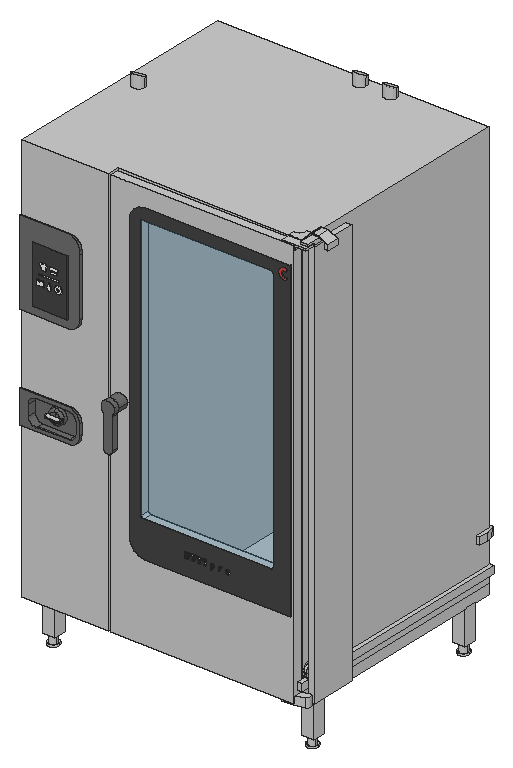
Revit family "QF_WELBILT-CONVOTHERM_CMX-PRO-ET-20-20-EB.240522044208", category Specialty Equipment, Revit 2020
Family settings
  Round Connector Dimension = Use Diameter
  Part Type = Normal
  OmniClass Number = 23.40.40.14
  OmniClass Title = Food Service Equipment
  Work Plane-Based = No
  Always vertical = Yes
  Cut with Voids When Loaded = No
  Shared = No
  Room Calculation Point = No
Parameters (values of type "CMX-PRO-ET-20-20-EB-DD_400V/3Ph/50Hz")
  Weight = 331.00 kg
  Waste Remarks [instance] = ""
  Volts = 400 V
  URL Cutsheet = ""
  URL = "www.convotherm.com"
  Status [instance] = ""
  Specification by User [instance] = ""
  Specification by Manufacturer [instance] = ""
  Serial Number = ""
  Seismic Rating = ""
  SMACNA No = ""
  Revision Code [instance] = ""
  Phase = 3
  Number of Poles = 1
  NAFEM Spec ID Number = ""
  Model = "CMX-PRO-ET-20-20-EB"
  Min Ckt Ampacity = 0 A
  Max Overcurrent Protection = 0 A
  Masterspec = ""
  Manufacturer = "WELBILT-CONVOTHERM"
  Length Actual = 1135 mm
  Item Number [instance] = ""
  Installed By [instance] = ""
  Indirect Waste Size = 25.4 mm
  Indirect Waste Connection Type [instance] = ""
  Indirect Waste Connection Height [instance] = 220 mm
  Identify Quantity as Lot [instance] = no
  Height Actual = 1934 mm
  HP power = ""
  Furnished By [instance] = ""
  Foodservice Equipment Identifier [instance] = no
  FL Amps = 97.3 A
  Electric power = 67300 W
  Electric Connection Type [instance] = ""
  Elec Conn RI Height [instance] = 0 mm
  Elec Conn Connection Height [instance] = 220 mm
  Direct Waste RI Height [instance] = 0 mm
  Description = "COMBI OVEN MAXX PRO EASYTOUCH 20 SHELVES GN 2/1 - DISAPPEARING DOOR - ELECTRIC BOILER"
  Depth Actual = 1020 mm
  Default Elevation = 0 mm
  Cycle = 50 Hz
  Cost = 0
  Conn Plug = ""
  Conn Conduit = no
  Cold Water Temperature Recommended = 0 °C
  Cold Water Size = 19.05 mm
  Cold Water Flow = 0.0 L/s
  Cold Water Connection Height [instance] = 220 mm
  CSI MasterFormat = ""
  Apparent Power = 67300 VA
  Accessory = no
Reference planes
  plane 1 "Center (Front/Back)": y = 0
  plane 2: z = 0
  plane 3 "Center (Left/Right)": x = 0
Forms (mm)
  Extrusion 1, solid, not visible
    sketch origin (301, -405, 222) x (1, 0, 0) y (0, 1, 0)
      loop
        line (0, 0) -> (2, 0) -> (2, 2) -> (0, 2) -> (0, 0)
    from 0 to 2
  Extrusion 2, solid, not visible
    sketch origin (104, -362, 222) x (1, 0, 0) y (0, 1, 0)
      loop
        line (0, 0) -> (2, 0) -> (2, 2) -> (0, 2) -> (0, 0)
    from 0 to 2
  Extrusion 3, solid, not visible
    sketch origin (124, -600, 222) x (1, 0, 0) y (0, 1, 0)
      loop
        line (0, 0) -> (2, 0) -> (2, 2) -> (0, 2) -> (0, 0)
    from 0 to 2
Dimensions and locks
  aligned and locked: level to plane 2
Nested families
  nested 1: "QF_WELBILT-CONVOTHERM_CMX-PRO-ET-20-20-EB-DD_400V_3Ph_50Hz" at (0, 0, 0), type "CMX-PRO-ET-20-20-EB-DD_400V/3Ph/50Hz"
    with Show Logo yes, Show Clearance yes
Connectors
  piping at (302, -404, 222), diameter 25.4, driven by "Indirect Waste Size"
    settings: on Extrusion 1, index 1, connector inside diameter 609.6 mm, connector length 0 mm, flow factor 0, pipe flow 0.0 L/s, pressure drop 0.0 Pa, fitting loss kfactor 0, connector angle 0.00°, fixture units 0, engagement length 0 mm, angle of deflection 0.00°, flow configuration 1, flow direction 2, fitting loss method 0, system type 16, joint type 0, gender type 0, connector reference index -1, connector utility 0, adjustable connector no, is connector primary yes, connector description "Drain connection for 'CMX-PRO-ET-20-20-EB'"
  piping at (105, -361, 222), diameter 19.05, driven by "Cold Water Size", driven by "Cold Water Flow"
    settings: on Extrusion 2, index 2, connector inside diameter 609.6 mm, connector length 0 mm, flow factor 0, pipe flow 0.0 L/s, pressure drop 0.0 Pa, fitting loss kfactor 0, connector angle 0.00°, fixture units 0, engagement length 0 mm, angle of deflection 0.00°, flow configuration 1, flow direction 1, fitting loss method 0, system type 20, joint type 0, gender type 0, connector reference index -1, connector utility 0, adjustable connector no, is connector primary no, connector description "Cold Water connection for 'CMX-PRO-ET-20-20-EB'"
  electrical at (125, -599, 222), driven by "Apparent Power", driven by "Number of Poles", driven by "Volts"
    settings: on Extrusion 3, index 3, voltage 400 V, apparent load 0 VA, apparent load phase1 67300 VA, apparent load phase2 0 VA, apparent load phase3 0 VA, power factor 1, load classification "Other", number of poles 1, system type 31, power factor state 1, is connector primary yes, connector utility no, sub classification motor no, connector description "Electric connection for 'CMX-PRO-ET-20-20-EB'"
Definition of nested family "QF_WELBILT-CONVOTHERM_CMX-PRO-ET-20-20-EB-DD_400V_3Ph_50Hz"
  Parameters (values of type "CMX-PRO-ET-20-20-EB-DD_400V/3Ph/50Hz")
    URL = "www.convotherm.com"
    Show Logo [instance] = yes
    Show Clearance [instance] = yes
    Model = "CMX-PRO-ET-20-20-EB"
    Manufacturer = "WELBILT-CONVOTHERM"
    Description = "COMBI OVEN MAXX PRO EASYTOUCH 20 SHELVES GN 2/1 - DISAPPEARING DOOR - ELECTRIC BOILER"
    Default Elevation = 0 mm
    Assembly Code = "E1090320"
  Types (2, lengths in mm): name | Model | Description
    CMX-PRO-ET-20-20-EB-DD_400V/3Ph/50Hz | "CMX-PRO-ET-20-20-EB" | "COMBI OVEN MAXX PRO EASYTOUCH 20 SHELVES GN 2/1 - DISAPPEARING DOOR - ELECTRIC BOILER"
    CMX-PRO-ET-20-20-ES-DD | "CMX-PRO-ET-20-20-ES" | "COMBI OVEN MAXX PRO EASYTOUCH 20 SHELVES GN 2/1 - DISAPPEARING DOOR - ELECTRIC INJECTION"
  Reference planes
    plane 1 "Back": y = 0
    plane 2: z = 0
    plane 3 "Left": x = 0
    plane 4 "Right": x = 1135
    plane 5 "Front": y = -1020
    plane 6 "Top": z = 1934
  Forms (mm)
    Extrusion 1, solid
      sketch origin (0, 0, 96) x (0, 1, 0) y (0, 0, 1)
        loop
          line (0, 1838) -> (-69, 1838) -> (-69, 126) -> (0, 126) -> (0, 1838)
      from 0 to 1135
    Extrusion 2, solid
      sketch origin (621, -433, 142.161) x (1, 0, 0) y (0, 0, 1)
        loop
          line (-250, 1791.839) -> (-250, 79.839) -> (514, 79.839) -> (514, 1791.839) -> (-250, 1791.839)
        loop
          arc (-115, 1670.132) -> (-122.071, 1667.203) -> (-125, 1660.132) r 10
          line (-125, 1660.132) -> (-125, 559.207)
          arc (-125, 559.207) -> (-122.071, 552.136) -> (-115, 549.207) r 10
          line (-115, 549.207) -> (419, 549.207)
          arc (419, 549.207) -> (426.071, 552.136) -> (429, 559.207) r 10
          line (429, 559.207) -> (429, 1660.132)
          arc (429, 1660.132) -> (426.071, 1667.203) -> (419, 1670.132) r 10
          line (419, 1670.132) -> (-115, 1670.132)
      from 550 to 587
    Extrusion 3, solid
      sketch origin (621, -423, 1162.455) x (1, 0, 0) y (0, 0, 1)
        loop
          arc (-115, 649.839) -> (-122.071, 646.91) -> (-125, 639.839) r 10
          line (-125, 639.839) -> (-125, -461.086)
          arc (-125, -461.086) -> (-122.071, -468.157) -> (-115, -471.086) r 10
          line (-115, -471.086) -> (419, -471.086)
          arc (419, -471.086) -> (426.071, -468.157) -> (429, -461.086) r 10
          line (429, -461.086) -> (429, 639.839)
          arc (429, 639.839) -> (426.071, 646.91) -> (419, 649.839) r 10
          line (419, 649.839) -> (-115, 649.839)
      from 560 to 597
    Extrusion 4, solid
      sketch origin (538.754, 250.154, 1299.45) x (1, 0, 0) y (0, 1, 0)
        loop
          circle (88.246, -288.147) r 25
      from 634.55 to 684.55
    Extrusion 5, solid, visible <- "Show Logo"
      sketch origin (608.278, -419.7, 1383.603) x (1, 0, 0) y (0, 0, 1)
        loop
          line (496.472, 442.836) -> (496.472, 452.836)
          arc (496.472, 452.836) -> (465.307, 432.836) -> (496.472, 412.836) r 22
          line (496.472, 412.836) -> (496.472, 422.836)
          arc (496.472, 422.836) -> (477.839, 432.836) -> (496.472, 442.836) r 12
      from 599 to 601
    Extrusion 6, void
      sketch origin (495, 28.007, 1307) x (0, 1, 0) y (0, 0, 1)
        loop
          line (-40.997, 682) -> (-101.661, 682) -> (-40.997, 653.55) -> (-40.997, 682)
      from 106.55 to 160
    Extrusion 7, solid
      sketch origin (0, -1022, 122) x (-1, 0, 0) y (0, 0, 1)
        loop
          line (0, 1812) -> (-361, 1812) -> (-361, 100) -> (0, 100) -> (0, 1812)
      from 2 to 49
    Extrusion 8, solid
      sketch origin (260, -1020.5, 1142.293) x (-1, 0, 0) y (0, 0, 1)
        loop
          line (-863, 715.8) -> (-863, -599.2) -> (-252.2, -599.2)
          arc (-252.2, -599.2) -> (-208.359, -581.041) -> (-190.2, -537.2) r 62
          line (-190.2, -537.2) -> (-190.2, 653.753)
          arc (-190.2, 653.753) -> (-208.373, 697.627) -> (-252.247, 715.8) r 62.047
          line (-252.247, 715.8) -> (-863, 715.8)
        loop
          arc (-780, 670) -> (-787.071, 667.071) -> (-790, 660) r 10
          line (-790, 660) -> (-790, -440.925)
          arc (-790, -440.925) -> (-787.071, -447.996) -> (-780, -450.925) r 10
          line (-780, -450.925) -> (-246, -450.925)
          arc (-246, -450.925) -> (-238.929, -447.996) -> (-236, -440.925) r 10
          line (-236, -440.925) -> (-236, 660)
          arc (-236, 660) -> (-238.929, 667.071) -> (-246, 670) r 10
          line (-246, 670) -> (-780, 670)
      from 0 to 2
    Extrusion 9, solid
      sketch origin (-428.638, -446.526, 1166.547) x (0, 0, 1) y (-1, 0, 0)
        loop
          line (406.44, -478.638) -> (166.44, -478.638) -> (166.44, -623.042) -> (406.44, -623.042) -> (406.44, -478.638)
      from 580.124 to 582.124
    Extrusion 10, solid
      sketch origin (-39.218, -1026.85, -393.128) x (0, 0, -1) y (1, 0, 0)
        loop
          circle (-1823.457, 196.933) r 15
        loop
          circle (-1823.457, 196.933) r 5
        loop
          line (-1832, 105.461) -> (-1812, 105.461)
          arc (-1812, 105.461) -> (-1814.476, 112.961) -> (-1812, 120.461) r 12.599
          arc (-1812, 120.461) -> (-1814.331, 127.961) -> (-1812, 135.461) r 13.23
          line (-1812, 135.461) -> (-1832, 135.461)
          arc (-1832, 135.461) -> (-1833.917, 127.433) -> (-1829.5, 120.461) r 10.608
          arc (-1829.5, 120.461) -> (-1833.694, 113.452) -> (-1832, 105.461) r 11.176
        loop
          line (-1886.763, 126.478) -> (-1874.888, 126.478) -> (-1874.888, 143.353) -> (-1886.763, 143.353)
          arc (-1886.763, 143.353) -> (-1899.276, 145.695) -> (-1897.911, 133.038) r 7.931
          arc (-1897.911, 133.038) -> (-1896.65, 122.428) -> (-1886.763, 126.478) r 6.712
        loop
          line (-1897.084, 162.209) -> (-1887.084, 162.209) -> (-1887.084, 194.695) -> (-1897.084, 194.695) -> (-1897.084, 162.209)
        loop
          line (-1881.943, 166.339) -> (-1874.888, 166.339) -> (-1874.888, 189.464) -> (-1881.943, 189.464) -> (-1881.943, 166.339)
        loop
          line (-1857.166, 113.206) -> (-1852.166, 113.206) -> (-1852.166, 198.206) -> (-1857.166, 198.206) -> (-1857.166, 113.206)
        loop
          line (-1837.069, 158.906) -> (-1821.106, 151.462)
          arc (-1821.106, 151.462) -> (-1809.423, 158.906) -> (-1821.106, 166.349) r 8.213
          line (-1821.106, 166.349) -> (-1837.069, 158.906)
      from 0 to 2
    Extrusion 11, solid
      sketch origin (-21.246, -207.853, 1299.45) x (1, 0, 0) y (0, 1, 0)
        loop
          circle (88.246, -288.147) r 25
      from 634.55 to 684.55
    Extrusion 12, void
      sketch origin (-65, -430, 1307) x (0, 1, 0) y (0, 0, 1)
        loop
          line (-40.997, 682) -> (-101.661, 682) -> (-40.997, 653.55) -> (-40.997, 682)
      from 106.55 to 160
    Extrusion 13, solid, visible <- "Show Clearance", detail levels coarse
      sketch origin (259, -226, 122) x (1, 0, 0) y (0, 1, 0)
        loop
          line (876, -794) -> (112, -794)
          arc (112, -794) -> (335.77, -1334.23) -> (876, -1558) r 764
          line (876, -1558) -> (876, -794)
      from 100 to 1812
    Extrusion 14, solid, visible <- "Show Clearance", detail levels coarse
      sketch origin (0, 0, 1020.837) x (1, 0, 0) y (0, 1, 0)
        loop
          line (1185, 50) -> (-50, 50) -> (-50, -1020) -> (0, -1020) -> (0, 0) -> (1135, 0) -> (1135, -1020) -> (1185, -1020) -> (1185, 50)
      from -1020.837 to 913.163
    Extrusion 15, solid
      sketch origin (401.711, -455, 812.309) x (1, 0, 0) y (0, 0, 1)
        loop
          arc (-10.176, 136.991) -> (9.289, 117.635) -> (28.753, 136.991) r 19.465
          line (28.753, 136.991) -> (28.753, 265.447)
          arc (28.753, 265.447) -> (29.337, 268.813) -> (31.019, 271.786) r 9.998
          arc (31.019, 271.786) -> (9.289, 317.699) -> (-12.442, 271.786) r 28.099
          arc (-12.442, 271.786) -> (-10.759, 268.813) -> (-10.176, 265.447) r 9.998
          line (-10.176, 265.447) -> (-10.176, 136.991)
      from 611 to 630
    Extrusion 16, solid
      sketch origin (376.711, -428, 809.017) x (1, 0, 0) y (0, 0, 1)
        loop
          circle (34.289, 292.891) r 28.099
      from 592 to 638
    Extrusion 17, solid
      sketch origin (0, -1022.2, 962.518) x (-1, 0, 0) y (0, 0, 1)
        loop
          line (4, 692) -> (-199.45, 692)
          arc (-199.45, 692) -> (-233.073, 678.073) -> (-247, 644.45) r 47.55
          line (-247, 644.45) -> (-247, 632) -> (-247, 386.55)
          arc (-247, 386.55) -> (-233.073, 352.927) -> (-199.45, 339) r 47.55
          line (-199.45, 339) -> (4, 339) -> (4, 692)
      from -5.45 to 30.55
    Extrusion 18, solid, visible <- "Show Logo"
      sketch origin (151.074, -1021, 492.827) x (-1, 0, 0) y (0, 0, 1)
        loop
          line (-528.137, 127.552) -> (-530.011, 127.552) -> (-530.348, 126.074)
          arc (-530.348, 126.074) -> (-533.867, 127.761) -> (-537.387, 126.074) r 4.515
          arc (-537.387, 126.074) -> (-541.947, 127.505) -> (-544.743, 123.629) r 4.084
          line (-544.743, 123.629) -> (-544.743, 116.284) -> (-542.349, 116.284) -> (-542.349, 123.232)
          arc (-542.349, 123.232) -> (-539.99, 125.59) -> (-537.632, 123.232) r 2.358
          line (-537.632, 123.232) -> (-537.632, 116.284) -> (-535.228, 116.284) -> (-535.228, 123.232)
          arc (-535.228, 123.232) -> (-532.879, 125.58) -> (-530.531, 123.232) r 2.348
          line (-530.531, 123.232) -> (-530.531, 116.284) -> (-528.137, 116.284) -> (-528.137, 127.552)
        loop
          arc (-560.96, 126.777) -> (-563.601, 127.667) -> (-566.387, 127.637) r 8.338
          arc (-566.387, 127.637) -> (-568.587, 126.318) -> (-569.365, 123.874) r 3.628
          line (-569.365, 123.874) -> (-569.365, 116.284) -> (-567.653, 116.284) -> (-567.175, 117.853)
          arc (-567.175, 117.853) -> (-565.463, 116.5) -> (-563.335, 116.017) r 4.933
          arc (-563.335, 116.017) -> (-560.862, 117.042) -> (-559.838, 119.515) r 3.498
          arc (-559.838, 119.515) -> (-560.769, 121.724) -> (-562.869, 122.881) r 3.655
          arc (-562.869, 122.881) -> (-564.937, 123.13) -> (-567.021, 123.172) r 20.914
          arc (-567.021, 123.172) -> (-566.618, 125.022) -> (-564.92, 125.86) r 2.182
          arc (-564.92, 125.86) -> (-563.277, 125.666) -> (-561.734, 125.066) r 6.53
          line (-561.734, 125.066) -> (-560.96, 126.777)
        loop
          line (-566.971, 121.663) -> (-566.971, 120.653)
          arc (-566.971, 120.653) -> (-565.555, 118.263) -> (-562.778, 118.357) r 2.725
          arc (-562.778, 118.357) -> (-562.249, 119.77) -> (-563.061, 121.043) r 1.69
          arc (-563.061, 121.043) -> (-563.851, 121.394) -> (-564.704, 121.544) r 3.557
          line (-564.704, 121.544) -> (-566.971, 121.663)
        loop
          line (-583.952, 127.552) -> (-586.682, 127.552) -> (-589.25, 123.609) -> (-591.837, 127.552) -> (-594.547, 127.552) -> (-590.757, 122.04) -> (-594.741, 116.284) -> (-592.031, 116.284) -> (-589.25, 120.502) -> (-586.479, 116.284) -> (-583.769, 116.284) -> (-587.732, 122.04) -> (-583.952, 127.552)
        loop
          line (-607.963, 127.552) -> (-610.693, 127.552) -> (-613.26, 123.609) -> (-615.848, 127.552) -> (-618.558, 127.552) -> (-614.768, 122.04) -> (-618.752, 116.284) -> (-616.042, 116.284) -> (-613.26, 120.502) -> (-610.489, 116.284) -> (-607.779, 116.284) -> (-611.742, 122.04) -> (-607.963, 127.552)
        loop
          line (-636.435, 132.059) -> (-639.145, 132.059) -> (-639.689, 130.03)
          arc (-639.689, 130.03) -> (-644.361, 132.339) -> (-649.091, 130.15) r 6.037
          arc (-649.091, 130.15) -> (-650.678, 124.151) -> (-649.091, 118.152) r 12.127
          arc (-649.091, 118.152) -> (-644.439, 115.999) -> (-639.787, 118.152) r 6.101
          line (-639.787, 118.152) -> (-639.787, 109.266) -> (-636.435, 109.266) -> (-636.435, 132.059)
        loop
          arc (-640.707, 128.436) -> (-643.521, 129.607) -> (-646.244, 128.239) r 3.656
          arc (-646.244, 128.239) -> (-647.304, 124.134) -> (-646.244, 120.028) r 8.478
          arc (-646.244, 120.028) -> (-643.478, 118.728) -> (-640.707, 120.019) r 3.605
          arc (-640.707, 120.019) -> (-639.746, 124.228) -> (-640.707, 128.436) r 9.697
        loop
          line (-672.161, 132.059) -> (-674.786, 132.059) -> (-675.228, 129.277)
          arc (-675.228, 129.277) -> (-678.007, 131.919) -> (-681.831, 132.201) r 5.699
          line (-681.831, 132.201) -> (-681.499, 129.039)
          arc (-681.499, 129.039) -> (-677.382, 128.276) -> (-675.513, 124.528) r 4.693
          line (-675.513, 124.528) -> (-675.513, 116.284) -> (-672.161, 116.284) -> (-672.161, 132.059)
        loop
          arc (-701.668, 128.856) -> (-708.102, 132.336) -> (-714.536, 128.856) r 7.688
          arc (-714.536, 128.856) -> (-715.716, 123.509) -> (-713.81, 118.375) r 9.693
          arc (-713.81, 118.375) -> (-708.258, 115.93) -> (-702.705, 118.375) r 7.526
          arc (-702.705, 118.375) -> (-700.886, 123.487) -> (-701.668, 128.856) r 11.265
        loop
          arc (-705.156, 128.208) -> (-708.205, 129.601) -> (-711.253, 128.208) r 4.032
          arc (-711.253, 128.208) -> (-712.176, 124.281) -> (-711.253, 120.354) r 8.822
          arc (-711.253, 120.354) -> (-708.251, 118.678) -> (-705.156, 120.174) r 3.725
          arc (-705.156, 120.174) -> (-704.233, 124.191) -> (-705.156, 128.208) r 9.2
        loop
          arc (-532.682, 137.519) -> (-530.724, 137.866) -> (-529.296, 136.484) r 2.184
          arc (-529.296, 136.484) -> (-529.141, 134.97) -> (-529.666, 133.541) r 3.38
          arc (-529.666, 133.541) -> (-531.195, 132.902) -> (-532.824, 133.209) r 2.886
          line (-532.824, 133.209) -> (-532.824, 132.27)
          arc (-532.824, 132.27) -> (-530.712, 132.004) -> (-528.755, 132.842) r 4.064
          arc (-528.755, 132.842) -> (-527.999, 134.996) -> (-528.348, 137.252) r 4.701
          arc (-528.348, 137.252) -> (-530.48, 138.773) -> (-533.076, 138.431) r 3.573
          line (-533.076, 138.431) -> (-532.682, 137.519)
        loop
          arc (-537.479, 137.982) -> (-539.805, 138.908) -> (-542.133, 137.986) r 3.392
          arc (-542.133, 137.986) -> (-542.922, 135.429) -> (-542.133, 132.872) r 4.538
          arc (-542.133, 132.872) -> (-539.818, 131.941) -> (-537.495, 132.853) r 3.378
          arc (-537.495, 132.853) -> (-536.706, 135.415) -> (-537.479, 137.982) r 4.603
        loop
          arc (-538.327, 137.294) -> (-539.797, 137.948) -> (-541.273, 137.306) r 1.999
          arc (-541.273, 137.306) -> (-541.786, 135.426) -> (-541.273, 133.546) r 3.701
          arc (-541.273, 133.546) -> (-539.8, 132.933) -> (-538.327, 133.544) r 2.078
          arc (-538.327, 133.544) -> (-537.877, 135.419) -> (-538.327, 137.294) r 4.129
        loop
          line (-547.292, 138.766) -> (-548.621, 138.766) -> (-551.871, 133.511) -> (-551.871, 138.766) -> (-552.875, 138.766) -> (-552.875, 132.063) -> (-551.532, 132.063) -> (-548.286, 137.265) -> (-548.286, 132.063) -> (-547.292, 132.063) -> (-547.292, 138.766)
        loop
          line (-556.671, 138.766) -> (-557.799, 138.766) -> (-559.583, 133.448) -> (-561.375, 138.766) -> (-562.512, 138.766) -> (-560.164, 132.063) -> (-559.009, 132.063) -> (-556.671, 138.766)
        loop
          arc (-566.711, 137.982) -> (-569.038, 138.908) -> (-571.366, 137.986) r 3.392
          arc (-571.366, 137.986) -> (-572.155, 135.429) -> (-571.366, 132.872) r 4.538
          arc (-571.366, 132.872) -> (-569.051, 131.941) -> (-566.727, 132.853) r 3.378
          arc (-566.727, 132.853) -> (-565.939, 135.415) -> (-566.711, 137.982) r 4.603
        loop
          arc (-567.56, 137.294) -> (-569.03, 137.948) -> (-570.505, 137.306) r 1.999
          arc (-570.505, 137.306) -> (-571.019, 135.426) -> (-570.505, 133.546) r 3.701
          arc (-570.505, 133.546) -> (-569.033, 132.933) -> (-567.56, 133.544) r 2.078
          arc (-567.56, 133.544) -> (-567.109, 135.419) -> (-567.56, 137.294) r 4.129
        loop
          line (-577.456, 137.826) -> (-575.485, 137.826) -> (-575.485, 138.766) -> (-580.523, 138.766) -> (-580.523, 137.826) -> (-578.552, 137.826) -> (-578.552, 132.063) -> (-577.456, 132.063) -> (-577.456, 137.826)
        loop
          line (-584.461, 138.766) -> (-585.556, 138.766) -> (-585.556, 136.024) -> (-588.646, 136.024) -> (-588.646, 138.766) -> (-589.747, 138.766) -> (-589.747, 132.063) -> (-588.646, 132.063) -> (-588.646, 135.084) -> (-585.556, 135.084) -> (-585.556, 132.063) -> (-584.461, 132.063) -> (-584.461, 138.766)
        loop
          line (-598.044, 136.015) -> (-598.044, 135.098) -> (-595.518, 135.098) -> (-595.518, 132.994) -> (-598.214, 132.994) -> (-598.214, 132.063) -> (-594.423, 132.063) -> (-594.423, 138.766) -> (-598.214, 138.766) -> (-598.214, 137.84) -> (-595.518, 137.84) -> (-595.518, 136.015) -> (-598.044, 136.015)
        loop
          line (-602.573, 138.766) -> (-604.466, 138.766)
          arc (-604.466, 138.766) -> (-605.459, 138.644) -> (-606.393, 138.285) r 4.104
          arc (-606.393, 138.285) -> (-606.983, 136.462) -> (-605.709, 135.029) r 1.929
          line (-605.709, 135.029) -> (-607.602, 132.063) -> (-606.355, 132.063) -> (-604.751, 134.741) -> (-603.669, 134.741) -> (-603.669, 132.063) -> (-602.573, 132.063) -> (-602.573, 138.766)
        loop
          line (-603.669, 137.84) -> (-604.805, 137.84)
          arc (-604.805, 137.84) -> (-605.901, 136.744) -> (-604.805, 135.648) r 1.096
          line (-604.805, 135.648) -> (-603.669, 135.648) -> (-603.669, 137.84)
        loop
          line (-611.485, 138.766) -> (-613.03, 138.766) -> (-614.905, 133.395) -> (-616.835, 138.766) -> (-618.384, 138.766) -> (-618.384, 132.063) -> (-617.33, 132.063) -> (-617.33, 137.563) -> (-615.349, 132.063) -> (-614.382, 132.063) -> (-612.48, 137.543) -> (-612.48, 132.063) -> (-611.485, 132.063) -> (-611.485, 138.766)
      from 0 to 2
    Extrusion 19, solid
      sketch origin (0, -792, 222) x (-1, 0, 0) y (0, 0, 1)
        loop
          line (0, 1712) -> (-1135, 1712) -> (-1135, 0) -> (0, 0) -> (0, 1712)
        loop
          line (-411, 1672) -> (-1095, 1672) -> (-1095, 40) -> (-411, 40) -> (-411, 1672)
      from -181 to 723
    Extrusion 20, solid
      sketch origin (60, -1022.2, 528.196) x (-1, 0, 0) y (0, 0, 1)
        loop
          line (64, 479) -> (-139.45, 479)
          arc (-139.45, 479) -> (-173.073, 465.073) -> (-187, 431.45) r 47.55
          line (-187, 431.45) -> (-187, 386.55)
          arc (-187, 386.55) -> (-173.073, 352.927) -> (-139.45, 339) r 47.55
          line (-139.45, 339) -> (64, 339) -> (64, 479)
        loop
          line (-4.55, 464) -> (-139.45, 464)
          arc (-139.45, 464) -> (-162.466, 454.466) -> (-172, 431.45) r 32.55
          line (-172, 431.45) -> (-172, 386.55)
          arc (-172, 386.55) -> (-162.466, 363.534) -> (-139.45, 354) r 32.55
          line (-139.45, 354) -> (-4.55, 354)
          arc (-4.55, 354) -> (18.466, 363.534) -> (28, 386.55) r 32.55
          line (28, 386.55) -> (28, 431.45)
          arc (28, 431.45) -> (18.466, 454.466) -> (-4.55, 464) r 32.55
      from -5.45 to 30.55
    Extrusion 21, void
      sketch origin (0, -1032.65, 220) x (-1, 0, 0) y (0, 0, 1)
        loop
          line (-64.55, 774.196) -> (-199.45, 774.196)
          arc (-199.45, 774.196) -> (-223.881, 764.076) -> (-234, 739.646) r 34.55
          line (-234, 739.646) -> (-234, 694.746)
          arc (-234, 694.746) -> (-223.881, 670.315) -> (-199.45, 660.196) r 34.55
          line (-199.45, 660.196) -> (-64.55, 660.196)
          arc (-64.55, 660.196) -> (-40.119, 670.315) -> (-30, 694.746) r 34.55
          line (-30, 694.746) -> (-30, 739.646)
          arc (-30, 739.646) -> (-40.119, 764.076) -> (-64.55, 774.196) r 34.55
      from 0 to 41
    Revolve 22, solid
      sketch origin (132, -213, 187) x (0, 1, 0) y (0, 0, 1)
        loop
          line (-800.65, 771.095) -> (-800.65, 750.196) -> (-780.65, 750.196) -> (-780.65, 782.804) -> (-792.214, 780.972)
          arc (-792.214, 780.972) -> (-798.254, 777.59) -> (-800.65, 771.095) r 10
        axis (-780.65, 750.196) -> (-800.65, 750.196)
      angle from 0 to 360
    Extrusion 23, solid
      sketch origin (60, -988.2, 513.196) x (-1, 0, 0) y (0, 0, 1)
        loop
          line (-4.55, 479) -> (-139.45, 479)
          arc (-139.45, 479) -> (-162.466, 469.466) -> (-172, 446.45) r 32.55
          line (-172, 446.45) -> (-172, 401.55)
          arc (-172, 401.55) -> (-162.466, 378.534) -> (-139.45, 369) r 32.55
          line (-139.45, 369) -> (-4.55, 369)
          arc (-4.55, 369) -> (18.466, 378.534) -> (28, 401.55) r 32.55
          line (28, 401.55) -> (28, 446.45)
          arc (28, 446.45) -> (18.466, 469.466) -> (-4.55, 479) r 32.55
      from -5.45 to -3.45
    Extrusion 24, solid
      sketch origin (102, -228.026, 187) x (0, 1, 0) y (0, 0, 1)
        loop
          circle (-793.65, 750.196) r 8
      from 0 to 60
    Revolve 25, solid
      sketch origin (102, -1021.676, 187) x (-1, 0, 0) y (0, 0, 1)
        loop
          line (-60, 750.196) -> (-60, 758.196)
          arc (-60, 758.196) -> (-61.414, 757.61) -> (-62, 756.196) r 2
          line (-62, 756.196) -> (-62, 750.196) -> (-60, 750.196)
        axis (-60, 750.196) -> (-62, 750.196)
      angle from 0 to 360
    Revolve 26, solid
      sketch origin (162, -1021.676, 187) x (1, 0, 0) y (0, 0, -1)
        loop
          line (-60, -750.196) -> (-62, -750.196) -> (-62, -756.196)
          arc (-62, -756.196) -> (-61.414, -757.61) -> (-60, -758.196) r 2
          line (-60, -758.196) -> (-60, -750.196)
        axis (-60, -750.196) -> (-62, -750.196)
      angle from 0 to 360
    Extrusion 27, solid
      sketch origin (665.754, 250.154, 1299.45) x (1, 0, 0) y (0, 1, 0)
        loop
          circle (88.246, -288.147) r 25
      from 634.55 to 684.55
    Extrusion 28, void
      sketch origin (622, 28.007, 1307) x (0, 1, 0) y (0, 0, 1)
        loop
          line (-40.997, 682) -> (-101.661, 682) -> (-40.997, 653.55) -> (-40.997, 682)
      from 106.55 to 160
    Extrusion 29, solid
      sketch origin (260, -1019.75, 976) x (-1, 0, 0) y (0, 0, 1)
        loop
          line (-815.5, 958) -> (-815.5, 961) -> (-872, 961) -> (-892.891, 985.896) -> (-925.376, 985.896) -> (-965.082, 967.381) -> (-965.082, 944.661) -> (-949.941, 944.661) -> (-949.941, 971.131) -> (-924.711, 982.896) -> (-894.29, 982.896) -> (-873.399, 958) -> (-815.5, 958)
      from 47 to 116.999
    Extrusion 30, solid
      sketch origin (260, -227.75, 222) x (0, 1, 0) y (0, 0, 1)
        loop
          line (-547.75, 1702.3) -> (-741.75, 1702.3) -> (-741.75, -6.7) -> (-547.75, -6.7) -> (-547.75, 1702.3)
      from 898.5 to 920.5
    Extrusion 31, solid
      sketch origin (260, -275, 222) x (0, 1, 0) y (0, 0, 1)
        loop
          line (275, 75) -> (-729, 75) -> (-729, 45) -> (275, 45) -> (275, 75)
      from 880 to 895
    Extrusion 32, solid
      sketch origin (260, 0, 222) x (1, 0, 0) y (0, 1, 0)
        loop
          line (875, -70.5) -> (895, -70.5) -> (895, -32.5) -> (889.343, -0.416)
          arc (889.343, -0.416) -> (885.239, 6.693) -> (877.525, 9.5) r 12
          line (877.525, 9.5) -> (862, 9.5) -> (862, 0) -> (875, 0) -> (875, -70.5)
      from 182.6 to 212.6
    Extrusion 33, solid
      sketch origin (260, -1019.75, 976) x (-1, 0, 0) y (0, 0, 1)
        loop
          line (-824, 958) -> (-824, 964) -> (-924, 964) -> (-924, 958) -> (-880, 958) -> (-880, 944.5) -> (-875, 944.5) -> (-875, 958) -> (-824, 958)
      from 2 to 36.25
    Extrusion 34, solid
      sketch origin (260, -227.75, 976) x (0, 1, 0) y (0, 0, 1)
        loop
          line (-741.75, 968.3) -> (-741.75, 958) -> (-675.001, 958) -> (-675.001, 974.3) -> (-779.75, 974.3) -> (-779.75, 968.3) -> (-741.75, 968.3)
      from 894 to 924.046
    Extrusion 35, solid
      sketch origin (260, -227.75, 976) x (1, 0, 0) y (0, 1, 0)
        loop
          line (920.5, -741.75) -> (920.5, -670.75) -> (900.751, -670.75) -> (900.751, -725) -> (875, -725) -> (875, -741.75) -> (920.5, -741.75)
      from 948.3 to 958
    Extrusion 36, solid
      sketch origin (260, -227.75, 976) x (1, 0, 0) y (0, 1, 0)
        loop
          circle (909, -766.875) r 5
      from 964 to 968.3
    Revolve 37, solid
      sketch origin (260, -377.75, 317.8) x (1, 0, 0) y (0, 1, 0)
        loop
          line (898.5, -569.75) -> (898.5, -549.75) -> (895.6, -549.75) -> (895.6, -554.75) -> (893.25, -554.75) -> (893.25, -542.25) -> (891.25, -542.25) -> (891.25, -546.65) -> (876.25, -546.65) -> (876.25, -542.25) -> (875, -542.25) -> (875, -569.75) -> (898.5, -569.75)
        axis (875, -569.75) -> (898.5, -569.75)
      angle from 0 to 360
    Extrusion 38, solid
      sketch origin (260, -227.75, 222) x (1, 0, 0) y (0, 1, 0)
        loop
          line (824, -757.5) -> (824, -790) -> (875, -790) -> (913.123, -778.129)
          arc (913.123, -778.129) -> (922.516, -761.254) -> (906.118, -751.05) r 14.002
          line (906.118, -751.05) -> (875, -757.5) -> (824, -757.5)
      from -8 to 28.2
    Revolve 39, solid
      sketch origin (260, -227.75, 241.3) x (1, 0, 0) y (0, 1, 0)
        loop
          line (898.5, -569.75) -> (898.5, -549.75) -> (895.6, -549.75) -> (895.6, -554.75) -> (893.25, -554.75) -> (893.25, -542.25) -> (891.25, -542.25) -> (891.25, -546.65) -> (876.25, -546.65) -> (876.25, -542.25) -> (875, -542.25) -> (875, -569.75) -> (898.5, -569.75)
        axis (875, -569.75) -> (898.5, -569.75)
      angle from 0 to 360
    Extrusion 40, solid
      sketch origin (260, -792, 222) x (-1, 0, 0) y (0, 0, 1)
        loop
          line (-880, 69) -> (-880, 51) -> (-875, 51) -> (-875, 69) -> (-880, 69)
      from 727.62 to 745.62
    Extrusion 41, solid
      sketch origin (260, -1180.25, 222) x (-1, 0, 0) y (0, 0, 1)
        loop
          line (-880, 69) -> (-880, 51) -> (-875, 51) -> (-875, 69) -> (-880, 69)
      from 727.62 to 745.62
    Extrusion 42, solid
      sketch origin (260, -1340.75, 222) x (-1, 0, 0) y (0, 0, 1)
        loop
          line (-880, 69) -> (-880, 51) -> (-875, 51) -> (-875, 69) -> (-880, 69)
      from 727.62 to 745.62
    Extrusion 43, solid
      sketch origin (260, -1501.25, 222) x (-1, 0, 0) y (0, 0, 1)
        loop
          line (-880, 69) -> (-880, 51) -> (-875, 51) -> (-875, 69) -> (-880, 69)
      from 727.62 to 745.62
    Extrusion 44, solid
      sketch origin (260, -1661.75, 222) x (-1, 0, 0) y (0, 0, 1)
        loop
          line (-880, 69) -> (-880, 51) -> (-875, 51) -> (-875, 69) -> (-880, 69)
      from 727.62 to 745.62
    Extrusion 45, void
      sketch origin (-215, 0, 222) x (1, 0, 0) y (0, 1, 0)
        loop
          line (1346.828, -914.75) -> (1367.161, -902.751) -> (1440.082, -902.751) -> (1440.082, -892.751) -> (1290.5, -892.751) -> (1290.5, -947.75) -> (1305.5, -947.75)
          arc (1305.5, -947.75) -> (1316.107, -943.357) -> (1320.5, -932.75) r 15
          line (1320.5, -932.75) -> (1320.5, -914.75) -> (1346.828, -914.75)
        loop
          line (1440.082, -952.75) -> (1368.235, -952.75) -> (1345.756, -972.75) -> (1440.082, -972.75) -> (1440.082, -952.75)
      from 1698.5 to 1739.896
    Extrusion 46, solid
      sketch origin (1076, -227.784, 0) x (-1, 0, 0) y (0, 0, 1)
        loop
          line (-7, 182) -> (-59, 182) -> (-59, 40) -> (-7, 40) -> (-7, 182)
      from 102.784 to 154.784
    Extrusion 47, solid
      sketch origin (0, 0, -8) x (1, 0, 0) y (0, 1, 0)
        loop
          line (0, 0) -> (0, -915) -> (492, -915) -> (492, -52) -> (1083, -52) -> (1083, -915) -> (1135, -915) -> (1135, 0) -> (0, 0)
        loop
          line (52, -863) -> (452, -863) -> (452, -52) -> (52, -52) -> (52, -863)
      from 190 to 230
    Extrusion 48, solid
      sketch origin (-7, -227.784, 0) x (-1, 0, 0) y (0, 0, 1)
        loop
          line (-7, 182) -> (-59, 182) -> (-59, 40) -> (-7, 40) -> (-7, 182)
      from 102.784 to 154.784
    Extrusion 49, solid
      sketch origin (1076, -1017.784, 0) x (-1, 0, 0) y (0, 0, 1)
        loop
          line (-7, 182) -> (-59, 182) -> (-59, 40) -> (-7, 40) -> (-7, 182)
      from 102.784 to 154.784
    Extrusion 50, solid
      sketch origin (-7, -1017.784, 0) x (-1, 0, 0) y (0, 0, 1)
        loop
          line (-7, 182) -> (-59, 182) -> (-59, 40) -> (-7, 40) -> (-7, 182)
      from 102.784 to 154.784
    Extrusion 51, solid
      sketch origin (0, 0, -10) x (1, 0, 0) y (0, 1, 0)
        loop
          circle (26, -99) r 15
      from 15 to 50
    Extrusion 52, solid
      sketch origin (55, 0, -10) x (1, 0, 0) y (0, 1, 0)
        loop
          circle (-29.331, -99.1) r 23
      from 10 to 15
    Extrusion 53, solid
      sketch origin (1083, 0, -10) x (1, 0, 0) y (0, 1, 0)
        loop
          circle (26, -99) r 15
      from 15 to 50
    Extrusion 54, solid
      sketch origin (1138, 0, -10) x (1, 0, 0) y (0, 1, 0)
        loop
          circle (-29.331, -99.1) r 23
      from 10 to 15
    Extrusion 55, solid
      sketch origin (0, -790, -10) x (1, 0, 0) y (0, 1, 0)
        loop
          circle (26, -99) r 15
      from 15 to 50
    Extrusion 56, solid
      sketch origin (55, -790, -10) x (1, 0, 0) y (0, 1, 0)
        loop
          circle (-29.331, -99.1) r 23
      from 10 to 15
    Extrusion 57, solid
      sketch origin (1083, -790, -10) x (1, 0, 0) y (0, 1, 0)
        loop
          circle (26, -99) r 15
      from 15 to 50
    Extrusion 58, solid
      sketch origin (1138, -790, -10) x (1, 0, 0) y (0, 1, 0)
        loop
          circle (-29.331, -99.1) r 23
      from 10 to 15
  Cuts and joins
    Extrusion 6, Extrusion 12, Extrusion 28 cuts Extrusion 4
    joined: Extrusion 15, Extrusion 16
    Extrusion 21 cuts Extrusion 7
    joined: Extrusion 1, Extrusion 7, Extrusion 19
    Extrusion 28 cuts Extrusion 27
    Extrusion 12 cuts Extrusion 11
    Extrusion 45 cuts Extrusion 29
  Lines and regions (mm)
    symbolic lines
      curve 1: line (1135, 0, 0) -> (0, 0, 0)
      curve 2: line (0, 0, 0) -> (0, -1020, 0)
      curve 3: circle (67, -495.972, 0) r 25 normal (0, 0, 1)
      curve 4: circle (627, -37.965, 0) r 25 normal (0, 0, 1)
      curve 5: line (1135, 0, 0) -> (1135, -1020, 0)
      curve 6: line (1135, -1020, 0) -> (0, -1020, 0)
      curve 7: line (382.949, -1085, 0) -> (439.051, -1085, 0)
      curve 8: line (439.051, -1085, 0) -> (439.051, -1020, 0)
      curve 9: line (382.949, -1085, 0) -> (382.949, -1020, 0)
      curve 10: line (361, -1020, 0) -> (361, -973, 0)
      curve 11: line (361, -973, 0) -> (1135, -973, 0)
      curve 17: line (-4, -991.65, 0) -> (0, -991.65, 0)
      curve 18: line (-4, -991.65, 0) -> (-4, -1027.65, 0)
      curve 19: line (-4, -1027.65, 0) -> (247, -1027.65, 0)
      curve 20: line (247, -1027.65, 0) -> (247, -1020, 0)
      curve 21: line (371, -973, 0) -> (371, -1020, 0)
      curve 25: circle (754, -37.965, 0) r 25 normal (0, 0, 1)
      curve 27: line (1155, 0, 0) -> (1155, -902.751, 0)
      curve 28: line (1122, 0, 0) -> (1122, 9.5, 0)
      curve 29: line (1122, 9.5, 0) -> (1137.525, 9.5, 0)
      curve 30: arc (1149.262, 0, 0) -> (1145.075, 6.827, 0) -> (1137.525, 9.5, 0) r 12
      curve 31: line (1155, -32.5, 0) -> (1149.343, -0.416, 0)
      curve 32: line (1155, 0, 0) -> (1149.262, 0, 0)
      curve 33: line (1155, -70.5, 0) -> (1135, -70.5, 0)
      curve 34: line (1225.082, -902.751, 0) -> (1225.082, -952.75, 0)
      curve 35: line (1225.082, -952.75, 0) -> (1153.235, -952.75, 0)
      curve 36: line (1153.235, -952.75, 0) -> (1130.476, -973, 0)
      curve 37: line (1075.5, -947.75, 0) -> (1075.5, -973, 0)
      curve 38: line (1075.5, -947.75, 0) -> (1090.5, -947.75, 0)
      curve 39: arc (1090.5, -947.75, 0) -> (1101.107, -943.357, 0) -> (1105.5, -932.75, 0) r 15
      curve 40: line (1105.5, -932.75, 0) -> (1105.5, -914.75, 0)
      curve 41: line (1105.5, -914.75, 0) -> (1131.828, -914.75, 0)
      curve 42: line (1131.828, -914.75, 0) -> (1152.161, -902.751, 0)
      curve 43: line (1225.082, -902.751, 0) -> (1152.161, -902.751, 0)
      curve 44: line (1154, -1007.5, 0) -> (1184.046, -1007.5, 0)
      curve 45: line (1154, -1007.5, 0) -> (1154, -952.75, 0)
      curve 46: line (1184.046, -952.75, 0) -> (1184.046, -1017.75, 0)
      curve 47: line (1184.046, -1017.75, 0) -> (1084, -1017.75, 0)
      curve 48: line (1084, -1017.75, 0) -> (1084, -983.5, 0)
      curve 49: line (1084, -983.5, 0) -> (1154, -983.5, 0)
    symbolic lines, visible <- "Show Clearance"
      curve 12: line (1135, -1020, 0) -> (1135, -1784, 0)
      curve 13: line (-50, -1020, 0) -> (-50, 50, 0)
      curve 14: line (-50, 50, 0) -> (1185, 50, 0)
      curve 15: line (1185, -1020, 0) -> (1185, 50, 0)
      curve 16: line (1092, -1020, 0) -> (1092, -1782.789, 0)
      curve 22: line (1200, -1773, 0) -> (1200, -1716.897, 0)
      curve 23: line (1200, -1716.897, 0) -> (1135, -1716.897, 0)
      curve 24: line (1200, -1773, 0) -> (1135, -1773, 0)
      curve 26: arc (371, -1020, 0) -> (594.77, -1560.23, 0) -> (1135, -1784, 0) r 764
  Dimensions and locks
    plane 5 "Front" to plane 1 "Back" = 1020 mm
    plane 6 "Top" to level = 1934 mm  (x2)
    plane 4 "Right" to plane 3 "Left" = 1135 mm
    plane 1 "Back" to plane 5 "Front" = 1020 mm
    plane 3 "Left" to plane 4 "Right" = 1135 mm
    aligned and locked: level to plane 2
